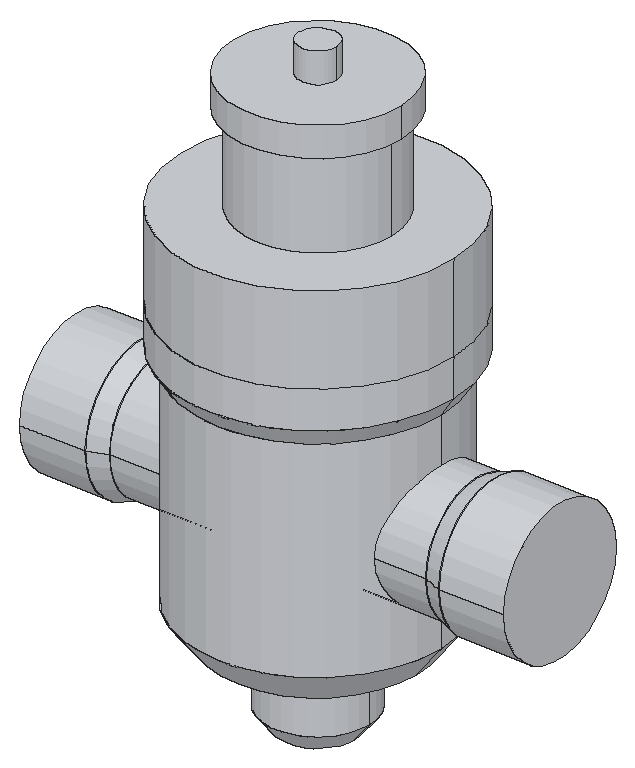
Revit family "VSX10P_DN15_PN16_RFA_2018", category Pipe Accessories, Revit 2018
Family settings
  Round Connector Dimension = Use Diameter
  Part Type = Valve - Breaks Into
  Work Plane-Based = No
  Always vertical = Yes
  Cut with Voids When Loaded = No
  Shared = No
Parameters (values of type "VSX10P G1/2  PN16 kvs0,4")
  magiProductId = ""
  magiProductFamilyId = ""
  magiPartTypeId = 306
  isMeasuringValve [instance] = no
  ang2D [instance] = 0.00°
  Z8 = 4 mm
  Z7__ve = -Z7  # -3.2 mm
  Z7 = 3.2 mm
  Z5 = 9.45 mm
  Z3 = 2 mm
  Z2 = 4.6 mm
  Z1 = 3.45 mm
  X4__ve = -X4  # -7 mm
  X4 = 7 mm
  X3 = 34 mm
  W2D = 15 mm
  VersionID = ""
  Use Minimum Symbol Size [instance] = yes
  URL = "www.hydronix.cz"
  Type Comments = "Závitový, vnější závit, ploché těsnění; LIN charakteristika; PN16; +5~+95°C; max.rychlost proudění 3,0 m/s"
  R9 = 9 mm
  R8 = 2 mm
  R7 = 14.63 mm
  R6 = 10.64 mm
  R5 = 6.703 mm
  R4 = 5.586 mm
  R3 = 3.99 mm
  R2 = 13.3 mm
  R10 = 8 mm
  R1 = 6.75 mm
  QmdConnectorList = "301;D;302;D"
  Productdata [instance] = ""
  Manufacturer = "Hydronix"
  MC Product Code = "VSX10P (G1/2\"; dpmax=250kPa; kvs 0,4)"
  LT2 = 19 mm
  L2D_Min = 3048 mm
  L2D = 38 mm
  H1 = 22.5 mm
  H = 27 mm
  E = 16 mm
  Description = "2 cestný regulační ventil malých spotřebičů, DN15; zdvih 2,5mm; max dp 250kPa; kvs0,4"
  DT2 = 7.5 mm
  D = 15 mm
  CAT0 = yes
  C = 23 mm
Types (8, lengths in mm): name | Z5 | Z2 | Z1 | X3 | R7 | R6 | R5 | R4 | R3 | R2 | R1 | MC Product Code | LT2 | H | Description | DT2 | D | C
  VSX09P G1/2  PN16 kvs0,25 | 9.45 | 4.6 | 3.45 | 34 | 14.63 | 10.64 | 6.703 | 5.586 | 3.99 | 13.3 | 6.75 | "VSX09P (G1/2\"; dpmax=250kPa; kvs 0,25)" | 19 | 27 | "2 cestný regulační ventil malých spotřebičů, DN15; zdvih 2,5mm; max dp 250kPa; kvs0,25" | 7.5 | 15 | 23
  VSX10P G1/2  PN16 kvs0,4 | 9.45 | 4.6 | 3.45 | 34 | 14.63 | 10.64 | 6.703 | 5.586 | 3.99 | 13.3 | 6.75 | "VSX10P (G1/2\"; dpmax=250kPa; kvs 0,4)" | 19 | 27 | "2 cestný regulační ventil malých spotřebičů, DN15; zdvih 2,5mm; max dp 250kPa; kvs0,4" | 7.5 | 15 | 23
  VSX11P G1/2  PN16 kvs0,6 | 9.45 | 4.6 | 3.45 | 34 | 14.63 | 10.64 | 6.703 | 5.586 | 3.99 | 13.3 | 6.75 | "VSX11P (G1/2\"; dpmax=250kPa; kvs 0,6)" | 19 | 27 | "2 cestný regulační ventil malých spotřebičů, DN15; zdvih 2,5mm; max dp 250kPa; kvs0,6" | 7.5 | 15 | 23
  VSX12P G1/2  PN16 kvs1,0 | 9.45 | 4.6 | 3.45 | 34 | 14.63 | 10.64 | 6.703 | 5.586 | 3.99 | 13.3 | 6.75 | "VSX12P (G1/2\"; dpmax=250kPa; kvs 1,0)" | 19 | 27 | "2 cestný regulační ventil malých spotřebičů, DN15; zdvih 2,5mm; max dp 250kPa; kvs1,0" | 7.5 | 15 | 23
  VSX13P G1/2  PN16 kvs1,6 | 9.45 | 4.6 | 3.45 | 34 | 14.63 | 10.64 | 6.703 | 5.586 | 3.99 | 13.3 | 6.75 | "VSX13P (G1/2\"; dpmax=250kPa; kvs 1,6)" | 19 | 27 | "2 cestný regulační ventil malých spotřebičů, DN15; zdvih 2,5mm; max dp 250kPa; kvs1,6" | 7.5 | 15 | 23
  VSX21P G3/4  PN16 kvs2,5 | 9.1 | 4.8 | 3.6 | 38 | 16.17 | 11.76 | 7.409 | 6.174 | 4.41 | 14.7 | 9 | "VSX21P (G3/4\"; dpmax=150kPa; kvs 2,5)" | 21 | 26 | "2 cestný regulační ventil malých spotřebičů, DN20; zdvih 2,5mm; max dp 150kPa; kvs2,5" | 10 | 20 | 24
  VSX24P G3/4  PN16 kvs4,0 | 9.1 | 4.8 | 3.6 | 38 | 16.17 | 11.76 | 7.409 | 6.174 | 4.41 | 14.7 | 9 | "VSX24P (G3/4\"; dpmax=150kPa; kvs 4,0)" | 21 | 26 | "2 cestný regulační ventil malých spotřebičů, DN20; zdvih 2,5mm; max dp 150kPa; kvs4,0" | 10 | 20 | 24
  VSX26P G3/4  PN16 kvs6,0 | 9.1 | 4.8 | 3.6 | 38 | 16.17 | 11.76 | 7.409 | 6.174 | 4.41 | 14.7 | 9 | "VSX26P (G3/4\"; dpmax=150kPa; kvs 6,0)" | 21 | 26 | "2 cestný regulační ventil malých spotřebičů, DN20; zdvih 2,5mm; max dp 150kPa; kvs6,0" | 10 | 20 | 24
Reference planes
  plane 1 "Center (Front/Back)": y = 0
  plane 2 "XYPLANE": z = 0
  plane 3 "Center (Left/Right)": x = 0
  plane 4 "271": z = 36.6
  plane 5 "254": z = 11.55
  plane 6 "253": z = 17.55
  plane 7 "148": z = 39.8
  plane 8 "132": z = 43
  plane 9 "62": z = 13.55
  plane 10 "53": z = 27
  plane 11 "52": z = -10.95
  plane 12 "48": z = -14.4
  plane 13 "47": z = -16.4
  plane 14 "38": z = -21
  plane 15 "37": x = 17
  plane 16 "36": x = 19
  plane 17 "23": z = -23
  plane 18 "19": x = -17
  plane 19 "15": x = -19
  plane 20 "6": x = 26
  plane 21 "5": x = -26
  plane 22 "3": z = 0
  plane 23 "2": y = 0
  plane 24 "1": x = 0
Forms (mm)
  Extrusion 1, solid, visible <- "CAT0"
    sketch origin (-750, 0, 43) x (1, 0, 0) y (0, 1, 0)
      loop
        circle (750, 0) r 2
    from 0 to -3.2 <- "Z7__ve"
  Extrusion 2, solid, visible <- "CAT0"
    sketch origin (-750, 0, 36.6) x (1, 0, 0) y (0, 1, 0)
      loop
        circle (750, 0) r 8
    from 0 to -19
  Extrusion 3, solid, visible <- "CAT0"
    sketch origin (-17, -750, 0) x (0, 1, 0) y (0, 0, 1)
      loop
        circle (750, 0) r 6.75
    from 0 to 34 <- "X3"
  Extrusion 4, solid
    sketch origin (-750, 0, 13.55) x (1, 0, 0) y (0, 1, 0)
      loop
        circle (750, 0) r 14.63
    from 0 to 4 <- "Z8"
  Extrusion 5, solid
    sketch origin (-750, 0, 39.8) x (1, 0, 0) y (0, 1, 0)
      loop
        circle (750, 0) r 9
    from 0 to -3.2 <- "Z7__ve"
  Extrusion 6, solid
    sketch origin (-750, 0, 17.55) x (1, 0, 0) y (0, 1, 0)
      loop
        circle (750, 0) r 14.63
    from 0 to 9.45 <- "Z5"
  Blend 7, solid
    base sketch origin (-750, 0, 11.55) x (1, 0, 0) y (0, 1, 0)
      loop
        circle (750, 0) r 13.3
    top sketch origin (-750, 0, 11.55) x (1, 0, 0) y (0, 1, 0)
      loop
        circle (750, 0) r 14.63
    from 0 to 2
  Blend 8, solid
    base sketch origin (-750, 0, -10.95) x (1, 0, 0) y (0, 1, 0)
      loop
        circle (750, 0) r 13.3
    top sketch origin (-750, 0, -10.95) x (1, 0, 0) y (0, 1, 0)
      loop
        circle (750, 0) r 10.64
    from 0 to -3.45
  Blend 9, solid
    base sketch origin (-750, 0, -14.4) x (1, 0, 0) y (0, 1, 0)
      loop
        circle (750, 0) r 6.703
    top sketch origin (-750, 0, -14.4) x (1, 0, 0) y (0, 1, 0)
      loop
        circle (750, 0) r 5.586
    from 0 to -2
  Extrusion 10, solid
    sketch origin (-750, 0, -21) x (1, 0, 0) y (0, 1, 0)
      loop
        circle (750, 0) r 5.586
    from 0 to 4.6 <- "Z2"
  Blend 11, solid
    base sketch origin (-750, 0, -23) x (1, 0, 0) y (0, 1, 0)
      loop
        circle (750, 0) r 3.99
    top sketch origin (-750, 0, -23) x (1, 0, 0) y (0, 1, 0)
      loop
        circle (750, 0) r 5.586
    from 0 to 2
  Extrusion 12, solid
    sketch origin (26, -750, 0) x (0, 1, 0) y (0, 0, 1)
      loop
        circle (750, 0) r 7.5
    from 0 to -7 <- "X4__ve"
  Blend 13, solid
    base sketch origin (19, -750, 0) x (0, 1, 0) y (0, 0, 1)
      loop
        circle (750, 0) r 7.5
    top sketch origin (19, -750, 0) x (0, 1, 0) y (0, 0, 1)
      loop
        circle (750, 0) r 6.75
    from 0 to -2
  Extrusion 14, solid
    sketch origin (-750, 0, -10.95) x (1, 0, 0) y (0, 1, 0)
      loop
        circle (750, 0) r 13.3
    from 0 to 22.5 <- "H1"
  Blend 15, solid
    base sketch origin (-19, -750, 0) x (0, 1, 0) y (0, 0, 1)
      loop
        circle (750, 0) r 7.5
    top sketch origin (-19, -750, 0) x (0, 1, 0) y (0, 0, 1)
      loop
        circle (750, 0) r 6.75
    from 0 to 2
  Extrusion 16, solid
    sketch origin (-26, -750, 0) x (0, 1, 0) y (0, 0, 1)
      loop
        circle (750, 0) r 7.5
    from 0 to 7 <- "X4"
  Extrusion 17, solid, not visible
    sketch origin (19, -750, 0) x (0, 1, 0) y (0, 0, 1)
      loop
        circle (750, 0) r 10
    from 0 to -10
  Extrusion 18, solid, not visible
    sketch origin (-19, -750, 0) x (0, 1, 0) y (0, 0, 1)
      loop
        circle (750, 0) r 10
    from 0 to 10
Lines and regions (mm)
  reference lines, not visible
    curve 1: circle (2, 2, 0) r 1 normal (0, 0, 1)
Dimensions and locks
  plane 1 "Center (Front/Back)" to curve 1 = 2 mm
  "Z7": plane 7 "148" to plane 4 "271"
  "Z3": plane 9 "62" to plane 5 "254"
  "Z5": plane 10 "53" to plane 6 "253"
  "Z7": plane 8 "132" to plane 7 "148"
  "E": plane 10 "53" to plane 8 "132"
  "Z8": plane 6 "253" to plane 9 "62"
  "H": plane 2 "XYPLANE" to plane 10 "53"
  "Z1": plane 12 "48" to plane 11 "52"
  "Z3": plane 13 "47" to plane 12 "48"
  "Z2": plane 14 "38" to plane 13 "47"
  "Z3": plane 17 "23" to plane 14 "38"
  locked: plane 16 "36" to plane 15 "37" at 2
  "LT2": plane 3 "Center (Left/Right)" to plane 16 "36"
  "C": plane 2 "XYPLANE" to plane 17 "23"
  locked: plane 19 "15" to plane 18 "19" at 2
  "LT2": plane 3 "Center (Left/Right)" to plane 19 "15"
  "X4": plane 16 "36" to plane 20 "6"
  "X4": plane 19 "15" to plane 21 "5"
  locked: plane 2 "XYPLANE" to plane 22 "3"
  locked: plane 1 "Center (Front/Back)" to plane 23 "2"
  locked: plane 3 "Center (Left/Right)" to plane 24 "1"
  "R8": radius of Extrusion 1 sketch curve
  "R10": radius of Extrusion 2 sketch curve
  "R1": radius of Extrusion 3 sketch curve
  "R7": radius of Extrusion 4 sketch curve
  "R9": radius of Extrusion 5 sketch curve
  "R7": radius of Extrusion 6 sketch curve
  "R7": radius of Blend 7 sketch curve
  "R2": radius of Blend 7 sketch curve
  "R6": radius of Blend 8 sketch curve
  "R2": radius of Blend 8 sketch curve
  "R4": radius of Blend 9 sketch curve
  "R5": radius of Blend 9 sketch curve
  "R4": radius of Extrusion 10 sketch curve
  "R4": radius of Blend 11 sketch curve
  "R3": radius of Blend 11 sketch curve
  "DT2": radius of Extrusion 12 sketch curve
  "R1": radius of Blend 13 sketch curve
  "DT2": radius of Blend 13 sketch curve
  "R2": radius of Extrusion 14 sketch curve
  "R1": radius of Blend 15 sketch curve
  "DT2": radius of Blend 15 sketch curve
  "DT2": radius of Extrusion 16 sketch curve
  aligned and locked: level to plane 2 "XYPLANE"
  aligned and locked: plane 23 "2" to Extrusion 1 sketch curve
  aligned and locked: plane 24 "1" to Extrusion 1 sketch curve
  aligned and locked: plane 23 "2" to Extrusion 2 sketch curve
  aligned and locked: plane 24 "1" to Extrusion 2 sketch curve
  aligned and locked: plane 22 "3" to Extrusion 3 sketch curve
  aligned and locked: Extrusion 3 sketch curve to plane 23 "2"
  aligned and locked: plane 23 "2" to Extrusion 4 sketch curve
  aligned and locked: plane 24 "1" to Extrusion 4 sketch curve
  aligned and locked: plane 23 "2" to Extrusion 5 sketch curve
  aligned and locked: plane 24 "1" to Extrusion 5 sketch curve
  aligned and locked: plane 23 "2" to Extrusion 6 sketch curve
  aligned and locked: plane 24 "1" to Extrusion 6 sketch curve
  aligned and locked: plane 23 "2" to Blend 7 sketch curve  (x2)
  aligned and locked: plane 24 "1" to Blend 7 sketch curve  (x2)
  aligned and locked: plane 9 "62" to Blend 7
  aligned and locked: plane 23 "2" to Blend 8 sketch curve  (x2)
  aligned and locked: plane 24 "1" to Blend 8 sketch curve  (x2)
  aligned and locked: Blend 8 to plane 12 "48"
  aligned and locked: plane 23 "2" to Blend 9 sketch curve  (x2)
  aligned and locked: plane 24 "1" to Blend 9 sketch curve  (x2)
  aligned and locked: Blend 9 to plane 13 "47"
  aligned and locked: plane 23 "2" to Extrusion 10 sketch curve
  aligned and locked: plane 24 "1" to Extrusion 10 sketch curve
  aligned and locked: plane 23 "2" to Blend 11 sketch curve  (x2)
  aligned and locked: plane 24 "1" to Blend 11 sketch curve  (x2)
  aligned and locked: plane 14 "38" to Blend 11
  aligned and locked: plane 22 "3" to Extrusion 12 sketch curve
  aligned and locked: Extrusion 12 sketch curve to plane 23 "2"
  aligned and locked: plane 22 "3" to Blend 13 sketch curve  (x2)
  aligned and locked: Blend 13 sketch curve to plane 23 "2"  (x2)
  aligned and locked: Blend 13 to plane 15 "37"
  aligned and locked: plane 23 "2" to Extrusion 14 sketch curve
  aligned and locked: plane 24 "1" to Extrusion 14 sketch curve
  aligned and locked: plane 22 "3" to Blend 15 sketch curve  (x2)
  aligned and locked: Blend 15 sketch curve to plane 23 "2"  (x2)
  aligned and locked: plane 18 "19" to Blend 15
  aligned and locked: plane 22 "3" to Extrusion 16 sketch curve
  aligned and locked: Extrusion 16 sketch curve to plane 23 "2"
  aligned and locked: plane 22 "3" to Extrusion 17 sketch curve
  aligned and locked: Extrusion 17 sketch curve to plane 23 "2"
  aligned and locked: plane 22 "3" to Extrusion 18 sketch curve
  aligned and locked: Extrusion 18 sketch curve to plane 23 "2"
Automatic sketch dimensions
  plane 1 "Center (Front/Back)" to Extrusion 17 sketch curve = 10 mm
  plane 1 "Center (Front/Back)" to Extrusion 18 sketch curve = 10 mm
  plane 3 "Center (Left/Right)" to curve 1 = 2 mm
  radius of curve 1 = 1 mm
Connectors
  piping at (-19, 0, 0), diameter 15, driven by "D"
    settings: on Extrusion 18, index 1, connector inside diameter 609.6 mm, connector length 0 mm, flow factor 0, pipe flow 0.0 L/s, pressure drop 0.0 Pa, fitting loss kfactor 0, connector angle 0.00°, fixture units 0, engagement length 0 mm, angle of deflection 0.00°, flow configuration 0, flow direction 0, fitting loss method 0, system type 29, joint type 0, gender type 0, connector reference index 2, connector utility 0, adjustable connector no, is connector primary yes, connector description ""
  piping at (19, 0, 0), diameter 15, driven by "D"
    settings: on Extrusion 17, index 2, connector inside diameter 609.6 mm, connector length 0 mm, flow factor 0, pipe flow 0.0 L/s, pressure drop 0.0 Pa, fitting loss kfactor 0, connector angle 0.00°, fixture units 0, engagement length 0 mm, angle of deflection 0.00°, flow configuration 0, flow direction 0, fitting loss method 0, system type 29, joint type 0, gender type 0, connector reference index 1, connector utility 0, adjustable connector no, is connector primary no, connector description ""
